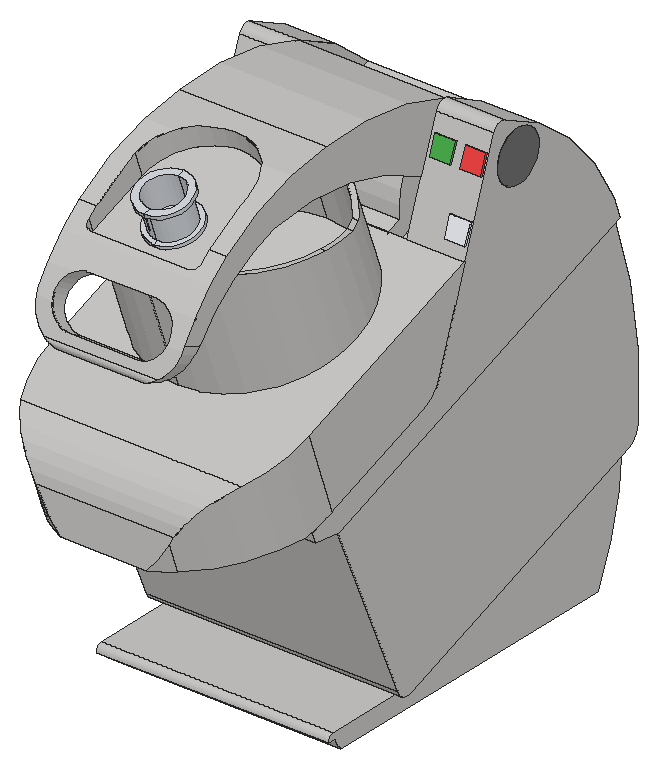
Revit family "QF_ELECTROLUXPROFESSIONAL_600473_TRSYVVI", category Specialty Equipment, Revit 2018
Family settings
  Round Connector Dimension = Use Diameter
  Part Type = Normal
  Work Plane-Based = No
  Always vertical = Yes
  Cut with Voids When Loaded = No
  Shared = No
  Room Calculation Point = No
Parameters (values of type "Standard")
  Weight = 21.40 kg
  Watts = 0 W
  Volts = 200 V
  URL Manufacturer = "http://professional.electrolux.com"
  URL = "http://professional.electrolux.com"
  Steam Supply Size = 0 mm
  Steam Supply Minimum Pressure = 0.0 Pa
  Steam Supply Maximum Pressure = 0.0 Pa
  Steam Pounds per Hour = 0
  Refrigeration Suction Line Size = 0 mm
  Refrigeration Liquid Line Size = 0 mm
  Refrigerant Compressor Remote = yes
  Manufacturer = "Electrolux Professional"
  Phase = 1
  Model = "TRSYVVI"
  Length Actual = 252 mm  # constant formula
  Item Number = "600473"
  Hot Water Size = 0 mm
  Height Actual = 515 mm  # constant formula
  HP = "0.7 HP"
  Gas Size = 0 mm
  Gas KW = 0
  Gas Input Pressure = 0 W
  Direct Waste Size = 0 mm
  Description = "VEGETABLE SLICER-VAR.SPEED-500W-220-240V/1N/50-60 CB APPROVED, SCHUKO PLUG"
  Depth Actual = 500 mm  # constant formula
  Cycle = 50 Hz
  Condensate Return Size = 0 mm
  Compressed Air Volume = 0.0 L/s
  Compressed Air Size = 0 mm
  Compressed Air Pressure = 0.0 Pa
  Cold Water Size = 0 mm
  Accessory = yes
Reference planes
  plane 1 "Center (Front/Back)": y = 0
  plane 2: z = 0
  plane 3 "Center (Left/Right)": x = 0
  plane 4 "BASE": through (-1506.947, -1354.442, -482.669) normal (0, -0.342, 0.9397)
  plane 5 "TOP": z = 780
  plane 6 "FRONT": y = -250
  plane 7 "BACK": y = 250
  plane 8 "LEFT": x = -126
  plane 9 "RIGHT": x = 126
  plane 10 "BaseSup": through (4267.2, -355.454, 143.983) normal (0, -0.342, 0.9397)
  plane 11 "TopCylinder": z = 502
  plane 12 "panel": through (4267.2, 37.396, 376.789) normal (0, -0.9397, 0.342)
  plane 13 "TAN1": through (4267.2, -242.8, 386.84) normal (0, -0.868, 0.4965)
  plane 14 "cx": x = -4.392
Forms (mm)
  Extrusion 1, solid, material "QF_Finishes_Stainless Steel"
    sketch origin (0, 71.755, 29.173) x (0, 0.939693, 0.34202) y (0, -0.34202, 0.939693)
      loop
        line (194.125, 30) -> (-100, 30) -> (-172.671, 56.45)
        arc (-172.671, 56.45) -> (-177.706, 56.23) -> (-181.11, 52.515) r 6.584
        line (-181.11, 52.515) -> (-172.825, 49.499)
        arc (-172.825, 49.499) -> (-173.282, 42.917) -> (-170.601, 36.887) r 13.662
        line (-170.601, 36.887) -> (125.402, -70.849)
        arc (125.402, -70.849) -> (140.415, -55.659) -> (154.125, -39.282) r 258.806
        arc (154.125, -39.282) -> (176.416, -5.964) -> (194.125, 30) r 303.676
    from -114.1 to 114.1
  Extrusion 2, solid, material "QF_Finishes_Stainless Steel"
    sketch origin (0, 71.755, 29.173) x (0, 0.939693, 0.34202) y (0, -0.34202, 0.939693)
      loop
        arc (-117.754, 231.836) -> (-115.421, 136.806) -> (-106.378, 42.177) r 1344.145
        arc (-106.378, 42.177) -> (-102.811, 33.567) -> (-94.2, 30) r 12.177
        line (-94.2, 30) -> (191.415, 30)
        arc (191.415, 30) -> (200.799, 34.052) -> (207.001, 42.177) r 20.212
        arc (207.001, 42.177) -> (237.263, 134.79) -> (245.906, 231.836) r 430.148
        line (245.906, 231.836) -> (-117.754, 231.836)
    from -123.6 to 123.2
  Extrusion 3, solid, material "QF_Finishes_Stainless Steel"
    sketch origin (0, 71.755, 29.173) x (0, 0.939693, 0.34202) y (0, -0.34202, 0.939693)
      loop
        line (-117.754, 231.836) -> (250, 231.836) -> (250, 254)
        arc (250, 254) -> (225.127, 344.7) -> (167.861, 419.303) r 244.524
        arc (167.861, 419.303) -> (160.498, 421.774) -> (153.587, 418.23) r 10
        line (153.587, 418.23) -> (25.432, 265.5)
        arc (25.432, 265.5) -> (14.376, 257.016) -> (0.77, 254) r 32.194
        line (0.77, 254) -> (-142.678, 254) -> (-142.678, 244) -> (-117.754, 231.836)
    from -125 to 125
  Extrusion 4, void
    sketch origin (0, 71.755, 29.173) x (0, 0.939693, 0.34202) y (0, -0.34202, 0.939693)
      loop
        line (146.605, 338.403) -> (228.145, 338.403)
        arc (228.145, 338.403) -> (202.221, 381.996) -> (167.861, 419.303) r 244.524
        arc (167.861, 419.303) -> (160.498, 421.774) -> (153.587, 418.23) r 10
        line (153.587, 418.23) -> (72.34, 321.403) -> (146.605, 321.403) -> (146.605, 338.403)
    from -76.755 to 68.071
  Extrusion 5, solid, material "QF_Finishes_Stainless Steel"
    sketch origin (0, 71.755, 29.173) x (0, 0.939693, 0.34202) y (0, -0.34202, 0.939693)
      loop
        line (86.605, 338.403) -> (69.605, 321.403) -> (146.605, 321.403) -> (146.605, 338.403) -> (138.179, 338.403) -> (138.179, 369.367)
        arc (138.179, 369.367) -> (147.784, 373.474) -> (158.149, 372.174) r 19.987
        arc (158.149, 372.174) -> (156.791, 382.001) -> (162.888, 389.826) r 12.748
        arc (162.888, 389.826) -> (123.302, 374.774) -> (101.605, 338.403) r 64.447
        line (101.605, 338.403) -> (86.605, 338.403)
    from -65 to 50
  Extrusion 6, solid, material "QF_Finishes_Stainless Steel"
    sketch origin (539, 71.755, 29.173) x (0, -0.939693, -0.34202) y (0, -0.34202, 0.939693)
      loop
        circle (-169.102, 378.696) r 12.748
    from 489 to 604
  Extrusion 7, solid, material "QF_Finishes_Rubber Black"
    sketch origin (0, 71.755, 29.173) x (0, 0.939693, 0.34202) y (0, -0.34202, 0.939693)
      loop
        circle (169.102, 378.696) r 25
    from 125 to 126.6
  Extrusion 8, solid, material "QF_Finishes_Green"
    sketch origin (-10, -113.728, -38.42) x (0, -0.34202, -0.939693) y (1, 0, 0)
      loop
        line (-529.862, 82.865) -> (-509.862, 82.865) -> (-509.862, 102.865) -> (-529.862, 102.865) -> (-529.862, 82.865)
    from 0 to 1.6
  Extrusion 9, solid, material "QF_Finishes_Red"
    sketch origin (20, -113.728, -38.42) x (0, -0.34202, -0.939693) y (1, 0, 0)
      loop
        line (-529.862, 82.865) -> (-509.862, 82.865) -> (-509.862, 102.865) -> (-529.862, 102.865) -> (-529.862, 82.865)
    from 0 to 1.6
  Extrusion 10, solid, material "QF_Finishes_White"
    sketch origin (19.976, -149.421, -75.636) x (0, -0.34202, -0.939693) y (1, 0, 0)
      loop
        line (-521.192, 82.865) -> (-501.192, 82.865) -> (-501.192, 102.865) -> (-521.192, 102.865) -> (-521.192, 82.865)
    from 0 to 1.6
  Extrusion 11, solid, material "QF_Finishes_Rubber Black"
    sketch origin (-20, -306.935, 99.376) x (0, -1, 0) y (1, 0, 0)
      loop
        circle (-230.144, 103.748) r 10
      loop
        circle (-230.144, -61.252) r 10
    from 9.274 to 3.787
  Extrusion 12, void
    sketch origin (-20.94, 306.731, 139.428) x (-1, 0, 0) y (0, -0.34202, 0.939693)
      loop
        circle (-20.94, 196.093) r 10
    from -1.916 to -26.433
  Extrusion 13, solid, material "QF_Finishes_Stainless Steel"
    sketch origin (-20.94, 306.678, 139.573) x (-1, 0, 0) y (0, -0.34202, 0.939693)
      loop
        circle (-20.94, 195.939) r 9.999
    from -8.514 to -26.433
  Extrusion 14, solid, material "QF_Finishes_Stainless Steel"
    sketch origin (0, -15.119, 267.855) x (0, -0.939693, -0.34202) y (1, 0, 0)
      loop
        line (-86.605, -125) -> (117.754, -125)
        arc (117.754, -125) -> (182.577, -108.838) -> (232.224, -64.135) r 138.076
        arc (232.224, -64.135) -> (246.337, -33.516) -> (250, 0) r 104.824
        arc (250, 0) -> (246.337, 33.516) -> (232.224, 64.135) r 104.824
        arc (232.224, 64.135) -> (182.577, 108.838) -> (117.754, 125) r 138.076
        line (117.754, 125) -> (-86.605, 125) -> (-86.605, -125)
    from 0 to 84.403
  Extrusion 15, void
    sketch origin (0, 71.755, 29.173) x (0, 0.939693, 0.34202) y (0, -0.34202, 0.939693)
      loop
        line (-148.177, 254) -> (-243.49, 272.527) -> (-229.509, 307.133)
        arc (-229.509, 307.133) -> (-211.109, 329.855) -> (-183.149, 338.403) r 50
        line (-183.149, 338.403) -> (-263.395, 338.403) -> (-263.395, 254) -> (-148.177, 254)
      loop
        line (86.605, 338.403) -> (25.432, 265.5)
        arc (25.432, 265.5) -> (14.376, 257.016) -> (0.77, 254) r 32.194
        line (0.77, 254) -> (86.605, 254) -> (86.605, 338.403)
    from -156.555 to 144.79
  Extrusion 16, solid, material "QF_Finishes_Rubber Black"
    sketch origin (-20, -28.598, 99.376) x (0, -1, 0) y (1, 0, 0)
      loop
        circle (-230.144, 103.748) r 10
      loop
        circle (-230.144, -61.252) r 10
    from 9.274 to 3.787
  Extrusion 17, solid, material "QF_Finishes_Stainless Steel"
    sketch origin (0, 0, 0) x (0, 1, 0) y (0, 0, 1)
      loop
        arc (-237.987, 360.286) -> (-193.334, 422.101) -> (-125.907, 457.716) r 167.502
        arc (-125.907, 457.716) -> (-32.614, 457.202) -> (54.785, 424.565) r 266.494
        line (54.785, 424.565) -> (73.036, 474.711)
        arc (73.036, 474.711) -> (77.269, 479.853) -> (83.792, 481.198) r 10
        arc (83.792, 481.198) -> (12.917, 500.705) -> (-60.594, 500.999) r 278.64
        arc (-60.594, 500.999) -> (-125.023, 488.463) -> (-183.511, 458.675) r 236.13
        arc (-183.511, 458.675) -> (-222.818, 420.732) -> (-248.457, 372.49) r 174.407
        arc (-248.457, 372.49) -> (-249.83, 368.135) -> (-247.05, 364.513) r 4.945
        line (-247.05, 364.513) -> (-237.987, 360.286)
    from -76.755 to 68.071
  Extrusion 18, void
    sketch origin (0, -252.846, 369.279) x (0, -0.496521, -0.868025) y (1, 0, 0)
      loop
        line (-13.723, -36.755) -> (-13.723, 28.071)
        arc (-13.723, 28.071) -> (-38.723, 53.071) -> (-63.723, 28.071) r 25
        line (-63.723, 28.071) -> (-63.723, -36.755)
        arc (-63.723, -36.755) -> (-38.723, -61.755) -> (-13.723, -36.755) r 25
    from -148.493 to 7.125
  Extrusion 19, void
    sketch origin (0, -88.076, 32.057) x (0, -0.34202, -0.939693) y (1, 0, 0)
      loop
        line (-257.162, 68.071) -> (-297.162, 68.071)
        arc (-297.162, 68.071) -> (-268.878, 56.356) -> (-257.162, 28.071) r 40
        line (-257.162, 28.071) -> (-257.162, 68.071)
      loop
        line (-257.162, -76.755) -> (-257.162, -36.755)
        arc (-257.162, -36.755) -> (-268.878, -65.039) -> (-297.162, -76.755) r 40
        line (-297.162, -76.755) -> (-257.162, -76.755)
    from 233.374 to 280.473
  Extrusion 20, void
    sketch origin (0, -73.76, 246.511) x (0, -0.939693, -0.34202) y (1, 0, 0)
      loop
        spline (50.415, 43.499) -> (50.302, 44.538) -> (50.07, 45.551) -> (49.722, 46.523) -> (49.265, 47.436) -> (48.705, 48.278) -> (48.053, 49.034) -> (47.317, 49.692) -> (46.511, 50.241) -> (45.647, 50.674) -> (44.738, 50.981) -> (43.801, 51.16) -> (42.848, 51.221)
        line (42.848, 51.221) -> (-21.826, 51.221)
        arc (-21.826, 51.221) -> (-77.476, -4.429) -> (-21.826, -60.078) r 55.65
        line (-21.826, -60.078) -> (42.849, -60.064)
        spline (42.849, -60.064) -> (43.796, -60.017) -> (44.73, -59.836) -> (45.637, -59.525) -> (46.5, -59.088) -> (47.306, -58.532) -> (48.042, -57.867) -> (48.695, -57.103) -> (49.256, -56.253) -> (49.715, -55.331) -> (50.065, -54.351) -> (50.3, -53.329) -> (50.415, -52.283)
        line (50.415, -52.283) -> (50.415, 43.499)
    from 219.928 to 259.975
  Extrusion 21, void
    sketch origin (0, -87.856, 241.381) x (0, -0.939693, -0.34202) y (1, 0, 0)
      loop
        circle (-4.976, -4.429) r 22.5
    from 184.171 to 259.975
  Extrusion 22, solid, material "QF_Finishes_Stainless Steel"
    sketch origin (0, -57.13, 252.564) x (0, -0.939693, -0.34202) y (1, 0, 0)
      loop
        circle (-27.476, -4.429) r 100
      loop
        circle (-27.476, -4.429) r 95
    from 84.403 to 219.928
  Extrusion 23, void
    sketch origin (539, 0, 0) x (0, -1, 0) y (0, 0, 1)
      loop
        line (-7.229, 448.453) -> (38.883, 431.669) -> (53.883, 431.669) -> (97.232, 435.738) -> (172.232, 435.738) -> (200.5, 434.424) -> (12.562, 502.828) -> (-7.229, 448.453)
    from 424.9 to 664
  Revolve 24, solid
    sketch origin (-4.392, 0, 0) x (0, 1, 0) y (0, 0, 1)
      loop
        line (-159.523, 452.833) -> (-177.266, 446.376) -> (-188.766, 477.973) -> (-195.199, 475.631) -> (-193.959, 472.225) -> (-189.261, 473.935) -> (-179, 445.744) -> (-183.698, 444.034) -> (-182.575, 440.948) -> (-179.543, 442.052) -> (-133.191, 314.7) -> (-112.048, 322.396) -> (-159.523, 452.833)
      axis (-112.048, 322.396) -> (-171.023, 484.431)
    angle from 0 to 360
  Extrusion 25, solid, material "QF_Door-Drawer Clearances", detail levels coarse
    sketch origin (0, -259.129, 728.467) x (0, -0.462376, -0.886684) y (0, 0.886684, -0.462376)
      loop
        arc (-237.987, 360.286) -> (-193.334, 422.101) -> (-125.907, 457.716) r 167.502
        arc (-125.907, 457.716) -> (-32.614, 457.202) -> (54.785, 424.565) r 266.494
        line (54.785, 424.565) -> (59.562, 427.056)
        arc (59.562, 427.056) -> (59.025, 458.234) -> (62.46, 489.226) r 244.524
        arc (62.46, 489.226) -> (1.594, 502.023) -> (-60.594, 500.999) r 278.64
        arc (-60.594, 500.999) -> (-125.023, 488.463) -> (-183.511, 458.675) r 236.13
        arc (-183.511, 458.675) -> (-222.818, 420.732) -> (-248.457, 372.49) r 174.407
        arc (-248.457, 372.49) -> (-249.83, 368.135) -> (-247.05, 364.513) r 4.945
        line (-247.05, 364.513) -> (-237.987, 360.286)
    from -76.755 to 68.071
  Extrusion 26, solid, material "QF_Door-Drawer Clearances", detail levels coarse
    sketch origin (-4.392, 0, 0) x (0, 1, 0) y (0, 0, 1)
      loop
        arc (180.062, 780.324) -> (-149.234, 694.151) -> (-249.905, 368.994) r 350.321
        line (-249.905, 368.994) -> (-246.546, 377.767)
        arc (-246.546, 377.767) -> (-144.345, 691.9) -> (174.993, 776.44) r 345.321
        line (174.993, 776.44) -> (180.062, 780.324)
    from -60 to 60
Cuts and joins
  Extrusion 4, Extrusion 19, Extrusion 20, Extrusion 21 cuts Extrusion 3
  Extrusion 15, Extrusion 19, Extrusion 20, Extrusion 21 cuts Extrusion 14
  Extrusion 18, Extrusion 19, Extrusion 20, Extrusion 21 cuts Extrusion 17
  Extrusion 12, Extrusion 20, Extrusion 21 cuts Extrusion 2
  Extrusion 23 cuts Extrusion 22
Lines and regions (mm)
  model lines
    curve 1: line (-65, 80.335, 302.597) -> (50, 80.335, 302.597)
    curve 2: line (-65, 83.13, 303.615) -> (50, 83.13, 303.615)
Dimensions and locks
  plane 5 "TOP" to level = 780 mm
  plane 8 "LEFT" to plane 3 "Center (Left/Right)" to plane 9 "RIGHT" = 126 mm, 126 mm
  plane 7 "BACK" to plane 1 "Center (Front/Back)" to plane 6 "FRONT" = 250 mm, 250 mm
  plane 5 "TOP" to plane 2 = 780 mm
  plane 5 "TOP" to plane 11 "TopCylinder" = 278 mm
  plane 6 "FRONT" to plane 7 "BACK" = 500 mm
  plane 7 "BACK" to plane 6 "FRONT" = 500 mm
  plane 11 "TopCylinder" to level = 502 mm
  aligned and locked: level to plane 2
Connectors
  electrical at (0, 231.662, 320.783), driven by "Volts"
    settings: on Extrusion 13, index 1, voltage 200 V, apparent load 0 VA, apparent load phase1 0 VA, apparent load phase2 0 VA, apparent load phase3 0 VA, power factor 1, load classification "Other", number of poles 1, system type 30, power factor state 1, is connector primary yes, connector utility no, sub classification motor no, connector description "Electrical Connection"
